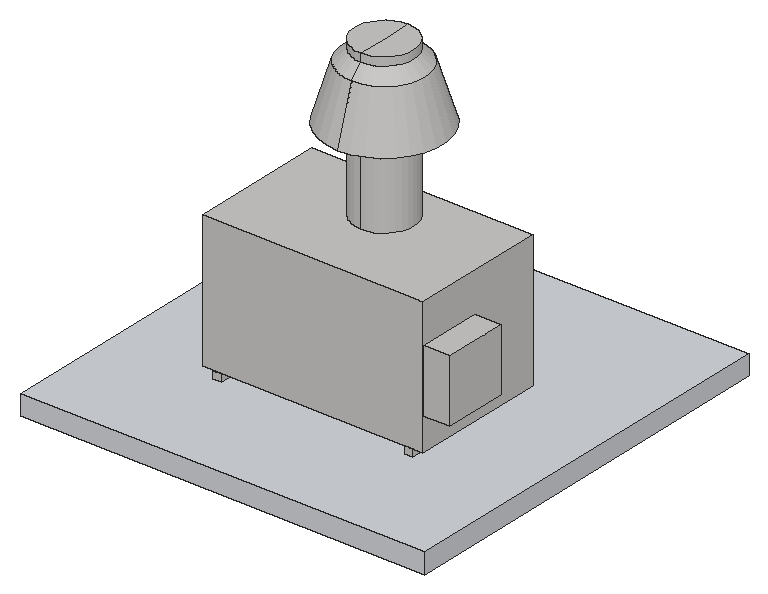
Revit family "DC_Rheem_PLM_Raypak_B0992ID", category Plumbing Fixtures, host Face, Revit 2017
Family settings
  Host = Face
  Round Connector Dimension = Use Radius
  Part Type = Normal
  Cut with Voids When Loaded = No
  Shared = No
  Room Calculation Point = No
Parameters (values of type "Raypak - Gas Water Heater- Indoor - 999 MJ/h  Natural gas, On/Off gas control")
  Width_ANZRS = 825 mm
  URL = "http://www.rheem.com.au/CommercialProducts"
  Type Comments = "Recovery 3870L/h @ 50°C rise\r\n"
  Materials_ANZRS = Raypak - Grey Powder Coated Steel
  PRV_ANZRS = 15 mm
  Model = "B0992NCO/ID\r\n"
  Manufacturer = "Raypak\r\n"
  HotWaterOutletRadius_ANZRS = 32.5 mm
  HotWaterOutletDiameter_ANZRS = HotWaterOutletRadius_ANZRS * 2  # 65 mm
  Height_ANZRS = 1810 mm
  GasInletRadius_ANZRS = 20 mm
  Gas Inlet Height_ANZRS = 410 mm
  GasInletDiameter_ANZRS = GasInletRadius_ANZRS * 2  # 40 mm
  DesignBy_ANZRS = "Design Content ©"
  Description = "Raypak - Gas Water Heater- Indoor - 999 MJ/h  Natural gas, On/Off gas control\r\n"
  Default Elevation = 0 mm
  ConnectionHeight_ANZRS = 755 mm
  ColdWaterInletRadius_ANZRS = 32.5 mm
  ColdWaterInletDiameter_ANZRS = ColdWaterInletRadius_ANZRS * 2  # 65 mm
  BoxHeight_ANZRS = 860 mm
  Author_ANZRS = "DM"
  Assembly Code = ""
Types (5, lengths in mm): name | URL | Type Comments | Model | GasInletRadius_ANZRS | GasInletDiameter_ANZRS | Description
  (no name) | "http://www.rheem.com.au/downloads/PDF/Raypak_Mechanical_Heating_Brochure_July_09.pdf\r\n" | "Recovery 3526L/h @ 50°C rise\r\n" | "B0992PCM/ID\r\n" | 10 | 20 | "Raypak - Gas Water Heater- Indoor - 933 MJ/h  Propane gas, modulating gas control\r\n"
  Raypak - Gas Water Heater- Indoor - 999 MJ/h  Natural gas, modulating gas control | "http://www.rheem.com.au/CommercialProducts" | "Recovery 3870L/h @ 50°C rise\r\n" | "B0992NCM/ID\r\n" | 20 | 40 | "Raypak - Gas Water Heater- Indoor - 999 MJ/h  Natural gas, modulating gas control"
  Raypak - Gas Water Heater- Indoor - 999 MJ/h  Natural gas, On/Off gas control | "http://www.rheem.com.au/CommercialProducts" | "Recovery 3870L/h @ 50°C rise\r\n" | "B0992NCO/ID\r\n" | 20 | 40 | "Raypak - Gas Water Heater- Indoor - 999 MJ/h  Natural gas, On/Off gas control\r\n"
  Raypak - Gas Water Heater- Indoor - 933 MJ/h  Propane gas, modulating gas control | "http://www.rheem.com.au/CommercialProducts" | "Recovery 3526L/h @ 50°C rise\r\n" | "B0992PCM/ID\r\n" | 10 | 20 | "Raypak - Gas Water Heater- Indoor - 933 MJ/h  Propane gas, modulating gas control\r\n"
  Raypak - Gas Water Heater- Indoor - 933 MJ/h  Propane gas, On/Off gas control | "http://www.rheem.com.au/CommercialProducts" | "Recovery 3526L/h @ 50°C rise\r\n" | "B0992PCO/ID\r\n" | 16 | 32 | "Raypak - Gas Water Heater- Indoor - 933 MJ/h  Propane gas, On/Off gas control\r\n"
Reference planes
  plane 1 "Center (Front/Back)": y = 0
  plane 2: z = 0
  plane 3 "Center (Left/Right)": x = 0
  plane 4 "H1": z = 1810
  plane 5 "H4": z = 860
  plane 6 "CD 1": z = 755
  plane 7 "CD 6": z = 410
  plane 8: y = 285
  plane 9: y = -540
  plane 10 "CD 2": y = 200
  plane 11 "CD 3": y = 135
  plane 12 "CD 4": y = -145
  plane 13 "CD 5": y = -410
  plane 14: y = 177.5
  plane 15: y = -177.5
  plane 16: x = -665
  plane 17: x = 665
  plane 18 "L6": x = -715
  plane 19 "L1": x = -600
  plane 20 "L2": x = -550
  plane 21 "L3": x = 554.8
  plane 22 "L4": x = 604.8
  plane 23 "H9": z = 45
  plane 24 "H8": z = 245
  plane 25 "H7": z = 625
  plane 26 "L5": x = 825
  plane 27 "H3": z = 1359.364
  plane 28 "W3": z = 1689.164
  plane 29 "H2": z = 1761.464
  plane 30: y = -155
Forms (mm)
  Extrusion 1, solid
    sketch origin (0, 0, 0) x (1, 0, 0) y (0, 1, 0)
      loop
        line (-1219.2, 1219.2) -> (-1219.2, -1219.2) -> (1219.2, -1219.2) -> (1219.2, 1219.2) -> (-1219.2, 1219.2)
    from 0 to -120
  Extrusion 2, solid, material "Raypak - Grey Powder Coated Steel" <- "Materials_ANZRS"
    sketch origin (0, 0, 0) x (1, 0, 0) y (0, 1, 0)
      loop
        line (-665, 285) -> (-665, -540) -> (665, -540) -> (665, 285) -> (-665, 285)
    from 45 to 860
  Revolve 3, solid, material "Raypak - Grey Powder Coated Steel" <- "Materials_ANZRS"
    sketch origin (0, 0, 0) x (0, 1, 0) y (0, 0, 1)
      loop
        line (0, 1810) -> (-177.5, 1810) -> (-177.5, 1761.464) -> (-248.249, 1689.164) -> (-349.079, 1359.364) -> (-177.5, 1359.364) -> (-177.5, 860) -> (0, 860) -> (0, 1810)
      axis (0, 1810) -> (0, 860)
    angle from 0 to 360
  Extrusion 4, void
    sketch origin (0, 0, 0) x (0, 1, 0) y (0, 0, 1)
      loop
        circle (200, 755) r 15
      loop
        circle (135, 755) r 32.5
      loop
        circle (-145, 755) r 32.5
    from -665 to -653.582
  Extrusion 5, solid, material "Raypak - Grey Powder Coated Steel" <- "Materials_ANZRS"
    sketch origin (0, 0, 0) x (0, 1, 0) y (0, 0, 1)
      loop
        circle (-410, 410) r 20
    from -715 to -665
  Extrusion 6, solid, material "Raypak - Grey Powder Coated Steel" <- "Materials_ANZRS"
    sketch origin (0, 0, 0) x (1, 0, 0) y (0, 0, 1)
      loop
        line (-550, 0) -> (-550, 45) -> (-600, 45) -> (-600, 0) -> (-550, 0)
      loop
        line (604.8, 0) -> (604.8, 45) -> (554.8, 45) -> (554.8, 0) -> (604.8, 0)
    from -285 to 540
  Extrusion 7, solid, material "Raypak - Grey Powder Coated Steel" <- "Materials_ANZRS"
    sketch origin (0, 0, 0) x (1, 0, 0) y (0, 0, 1)
      loop
        line (665, 625) -> (665, 245) -> (825, 245) -> (825, 625) -> (665, 625)
    from 155 to 540
Cuts and joins
  Extrusion 4 cuts Extrusion 2
Lines and regions (mm)
  Masking region 1
    outline origin (0, 0, 0) x (0, 1, 0) y (0, 0, 1)
      loop
        line (-177.5, 1810) -> (-177.5, 1761.464) -> (-248.249, 1689.164) -> (-349.079, 1359.364) -> (-177.5, 1359.364) -> (-177.5, 860) -> (-540, 860) -> (-540, 0) -> (285, 0) -> (285, 860) -> (177.5, 860) -> (177.5, 1359.364) -> (349.079, 1359.364) -> (248.249, 1689.164) -> (177.5, 1761.464) -> (177.5, 1810) -> (-177.5, 1810)
  Masking region 2
    outline origin (0, 0, 0) x (1, 0, 0) y (0, 0, 1)
      loop
        line (-177.5, 1810) -> (-177.5, 1761.464) -> (-248.249, 1689.164) -> (-349.079, 1359.364) -> (-177.039, 1359.364) -> (-177.039, 860) -> (-665, 860) -> (-665, 45) -> (-600, 45) -> (-600, 0) -> (-550, 0) -> (-550, 45) -> (554.8, 45) -> (554.8, 0) -> (604.8, 0) -> (604.8, 45) -> (665, 45) -> (665, 245) -> (825, 245) -> (825, 625) -> (665, 625) -> (665, 860) -> (174.539, 860) -> (174.539, 1359.364) -> (349.079, 1359.364) -> (248.249, 1689.164) -> (177.5, 1761.464) -> (177.5, 1810) -> (-177.5, 1810)
  Masking region 3
    outline origin (0, 0, 0) x (1, 0, 0) y (0, 1, 0)
      loop
        line (-665, -540) -> (665, -540) -> (825, -540) -> (825, -155) -> (665, -155) -> (665, 285) -> (201.572, 285)
        arc (201.572, 285) -> (105.756, 332.674) -> (0, 349.079) r 349.079
        arc (0, 349.079) -> (-105.756, 332.674) -> (-201.572, 285) r 349.079
        line (-201.572, 285) -> (-665, 285) -> (-665, -540)
  symbolic lines, style "Rheem Raypak", detail levels fine
    curve 1: line (0, 285, 0) -> (0, 285, 860)
    curve 2: line (0, 285, 860) -> (0, -540, 860)
    curve 3: line (0, -540, 860) -> (0, -540, 0)
    curve 4: line (0, -349.079, 1359.364) -> (0, 349.079, 1359.364)
    curve 5: line (0, -177.5, 1810) -> (0, 177.5, 1810)
    curve 6: line (0, 248.249, 1689.164) -> (0, -248.249, 1689.164)
    curve 7: line (0, 177.5, 1761.464) -> (0, -177.5, 1761.464)
    curve 8: arc (0, 102.5, 755) -> (0, 135, 722.5) -> (0, 167.5, 755) r 32.5
    curve 9: arc (0, 167.5, 755) -> (0, 135, 787.5) -> (0, 102.5, 755) r 32.5
    curve 10: arc (0, 185, 755) -> (0, 200, 740) -> (0, 215, 755) r 15
    curve 11: arc (0, 215, 755) -> (0, 200, 770) -> (0, 185, 755) r 15
    curve 12: arc (0, -177.5, 755) -> (0, -145, 722.5) -> (0, -112.5, 755) r 32.5
    curve 13: arc (0, -112.5, 755) -> (0, -145, 787.5) -> (0, -177.5, 755) r 32.5
    curve 14: arc (0, -390, 410) -> (0, -410, 390) -> (0, -430, 410) r 20
    curve 15: arc (0, -430, 410) -> (0, -410, 430) -> (0, -390, 410) r 20
    curve 16: line (0, 349.079, 1359.364) -> (0, 248.249, 1689.164)
    curve 17: line (0, -248.249, 1689.164) -> (0, -349.079, 1359.364)
    curve 18: line (0, 177.5, 1761.464) -> (0, 248.249, 1689.164)
    curve 19: line (0, -248.249, 1689.164) -> (0, -177.5, 1761.464)
    curve 20: line (0, -540, 45) -> (0, 285, 45)
    curve 21: line (0, -540, 0) -> (0, 285, 0)
    curve 22: line (-177.5, 0, 1810) -> (177.5, 0, 1810)
    curve 23: line (-177.5, 0, 1761.464) -> (177.5, 0, 1761.464)
    curve 24: line (-248.249, 0, 1689.164) -> (248.249, 0, 1689.164)
    curve 25: line (-349.079, 0, 1359.364) -> (349.079, 0, 1359.364)
    curve 26: line (665, 0, 860) -> (-665, 0, 860)
    curve 27: line (-665, 0, 45) -> (665, 0, 45)
    curve 28: line (554.8, 0, 0) -> (604.8, 0, 0)
    curve 29: line (-600, 0, 0) -> (-550, 0, 0)
    curve 30: line (825, 0, 625) -> (665, 0, 625)
    curve 31: line (665, 0, 245) -> (825, 0, 245)
    curve 32: line (825, 0, 245) -> (825, 0, 625)
    curve 33: line (174.539, 0, 1359.364) -> (174.539, 0, 860)
    curve 34: line (349.079, 0, 1359.364) -> (248.249, 0, 1689.164)
    curve 35: line (177.5, 0, 1810) -> (177.5, 0, 1761.464)
    curve 36: line (177.5, 0, 1761.464) -> (248.249, 0, 1689.164)
    curve 37: line (-177.5, 0, 1810) -> (-177.5, 0, 1761.464)
    curve 38: line (-349.079, 0, 1359.364) -> (-248.249, 0, 1689.164)
    curve 39: line (-248.249, 0, 1689.164) -> (-177.5, 0, 1761.464)
    curve 40: line (-177.039, 0, 1359.364) -> (-177.039, 0, 860)
    curve 41: line (-600, 0, 45) -> (-600, 0, 0)
    curve 42: line (-550, 0, 0) -> (-550, 0, 45)
    curve 43: line (604.8, 0, 0) -> (604.8, 0, 45)
    curve 44: line (554.8, 0, 45) -> (554.8, 0, 0)
    curve 45: line (-715, 0, 425) -> (-715, 0, 395)
    curve 46: line (-715, 0, 425) -> (-665, 0, 425)
    curve 47: line (-715, 0, 395) -> (-665, 0, 395)
    curve 48: arc (0, -349.079, 0) -> (349.079, 0, 0) -> (0, 349.079, 0) r 349.079
    curve 49: arc (0, 349.079, 0) -> (-349.079, 0, 0) -> (0, -349.079, 0) r 349.079
    curve 50: arc (0, -177.5, 0) -> (-177.5, 0, 0) -> (0, 177.5, 0) r 177.5
    curve 51: arc (0, -248.249, 0) -> (-248.249, 0, 0) -> (0, 248.249, 0) r 248.249
    curve 52: arc (0, 177.5, 0) -> (177.5, 0, 0) -> (0, -177.5, 0) r 177.5
    curve 53: arc (0, 248.249, 0) -> (248.249, 0, 0) -> (0, -248.249, 0) r 248.249
    curve 54: line (665, 285, 0) -> (201.572, 285, 0)
    curve 55: line (-665, 285, 0) -> (-665, -540, 0)
    curve 56: line (-665, -540, 0) -> (665, -540, 0)
    curve 57: line (665, -540, 0) -> (665, 285, 0)
    curve 58: line (825, -540, 0) -> (825, -155, 0)
    curve 59: line (825, -155, 0) -> (665, -155, 0)
    curve 60: line (665, -540, 0) -> (825, -540, 0)
    curve 61: line (-715, -395, 0) -> (-715, -425, 0)
    curve 62: line (-715, -395, 0) -> (-665, -395, 0)
    curve 63: line (-715, -425, 0) -> (-665, -425, 0)
    curve 64: line (0, 177.5, 1810) -> (0, 177.5, 1761.464)
    curve 65: line (0, -177.5, 1810) -> (0, -177.5, 1761.464)
    curve 66: line (0, 177.5, 1359.364) -> (0, 177.5, 860)
    curve 67: line (0, -177.5, 1359.364) -> (0, -177.5, 860)
    curve 68: line (-665, 0, 860) -> (-665, 0, 45)
    curve 69: line (665, 0, 45) -> (665, 0, 860)
    curve 70: line (-201.572, 285, 0) -> (-665, 285, 0)
Dimensions and locks
  "Height_ANZRS": plane 4 "H1" to level
  "BoxHeight_ANZRS": plane 5 "H4" to level
  "ConnectionHeight_ANZRS": plane 6 "CD 1" to Extrusion 1
  "Gas Inlet Height_ANZRS": plane 7 "CD 6" to level
  plane 8 to plane 9 = 825 mm
  plane 8 to plane 10 "CD 2" = 85 mm
  plane 8 to plane 11 "CD 3" = 150 mm
  plane 11 "CD 3" to plane 12 "CD 4" = 280 mm
  plane 13 "CD 5" to plane 9 = 130 mm
  equal spacing: plane 14, plane 1 "Center (Front/Back)", plane 15
  plane 14 to plane 15 = 355 mm
  plane 1 "Center (Front/Back)" to plane 9 = 540 mm
  locked: plane 18 "L6" to plane 16 at 50
  plane 19 "L1" to plane 16 = 65 mm
  plane 20 "L2" to plane 19 "L1" = 50 mm
  plane 17 to plane 22 "L4" = 60.2 mm
  plane 22 "L4" to plane 21 "L3" = 50 mm
  plane 23 "H9" to level = 45 mm
  plane 24 "H8" to level = 245 mm
  plane 25 "H7" to plane 24 "H8" = 380 mm
  plane 17 to plane 26 "L5" = 160 mm
  plane 4 "H1" to plane 29 "H2" to plane 28 "W3" = 48.536 mm locked, 72.3 mm locked
  equal spacing: plane 17, plane 3 "Center (Left/Right)", plane 16
  plane 17 to plane 16 = 1330 mm
  "GasInletRadius_ANZRS": radius of Extrusion 5 sketch curve
  "HotWaterOutletRadius_ANZRS": radius of Extrusion 4 sketch curve
  "ColdWaterInletRadius_ANZRS": radius of Extrusion 4 sketch curve
  "PRV_ANZRS": radius of Extrusion 4 sketch curve
  aligned and locked: plane 2 to Extrusion 1
  aligned and locked: level to Extrusion 1
  aligned and locked: plane 8 to Extrusion 2 sketch curve
  aligned and locked: plane 16 to Extrusion 2 sketch curve
  aligned and locked: plane 9 to Extrusion 2 sketch curve
  aligned and locked: plane 17 to Extrusion 2 sketch curve
  aligned and locked: plane 5 "H4" to Extrusion 2
  aligned and locked: plane 1 "Center (Front/Back)" to Revolve 3 sketch curve
  aligned and locked: plane 11 "CD 3" to Extrusion 4 sketch curve
  aligned and locked: plane 10 "CD 2" to Extrusion 4 sketch curve
  aligned and locked: plane 6 "CD 1" to Extrusion 4 sketch curve  (x3)
  aligned and locked: Extrusion 4 to plane 16
  aligned and locked: plane 7 "CD 6" to Extrusion 5 sketch curve
  aligned and locked: plane 13 "CD 5" to Extrusion 5 sketch curve
  aligned and locked: plane 16 to Extrusion 5
  aligned and locked: Extrusion 5 to plane 18 "L6"
  aligned and locked: Extrusion 2 to plane 23 "H9"
  aligned and locked: level to Extrusion 6 sketch curve  (x2)
  aligned and locked: Extrusion 6 sketch curve to plane 20 "L2"
  aligned and locked: Extrusion 6 sketch curve to plane 23 "H9"  (x2)
  aligned and locked: plane 19 "L1" to Extrusion 6 sketch curve
  aligned and locked: Extrusion 6 sketch curve to plane 22 "L4"
  aligned and locked: plane 21 "L3" to Extrusion 6 sketch curve
  aligned and locked: Extrusion 6 to plane 8
  aligned and locked: Extrusion 6 to plane 9
  aligned and locked: Extrusion 7 sketch curve to plane 25 "H7"
  aligned and locked: Extrusion 7 sketch curve to plane 26 "L5"
  aligned and locked: Extrusion 7 sketch curve to plane 24 "H8"
  aligned and locked: cut or joined group of Extrusion 2, Extrusion 4 to Extrusion 7 sketch curve
  aligned and locked: Extrusion 7 to plane 9
  aligned and locked: plane 12 "CD 4" to Extrusion 4 sketch curve
  aligned and locked: Revolve 3 sketch curve to plane 4 "H1"
  aligned and locked: plane 15 to Revolve 3 sketch curve  (x2)
  aligned and locked: plane 5 "H4" to Revolve 3 sketch curve
  aligned and locked: plane 27 "H3" to Revolve 3 sketch curve
  aligned and locked: plane 29 "H2" to Revolve 3 sketch curve
  aligned and locked: plane 28 "W3" to Revolve 3 sketch curve
  aligned and locked: curve 1 to cut or joined group of Extrusion 2, Extrusion 4
  aligned and locked: curve 2 to cut or joined group of Extrusion 2, Extrusion 4
  aligned and locked: curve 3 to cut or joined group of Extrusion 2, Extrusion 4
  aligned and locked: curve 4 to Revolve 3
  aligned and locked: curve 5 to Revolve 3
  aligned and locked: curve 6 to Revolve 3
  aligned and locked: curve 7 to Revolve 3
  aligned and locked: curve 8 to cut or joined group of Extrusion 2, Extrusion 4
  aligned and locked: curve 9 to cut or joined group of Extrusion 2, Extrusion 4
  aligned and locked: curve 10 to cut or joined group of Extrusion 2, Extrusion 4
  aligned and locked: curve 11 to cut or joined group of Extrusion 2, Extrusion 4
  aligned and locked: curve 12 to cut or joined group of Extrusion 2, Extrusion 4
  aligned and locked: curve 13 to cut or joined group of Extrusion 2, Extrusion 4
  aligned and locked: curve 14 to Extrusion 5
  aligned and locked: curve 15 to Extrusion 5
  aligned and locked: curve 17 to Revolve 3
  aligned and locked: Revolve 3 to curve 19
  aligned and locked: curve 20 to cut or joined group of Extrusion 2, Extrusion 4
  aligned and locked: curve 21 to Extrusion 6
  aligned and locked: curve 22 to Revolve 3
  aligned and locked: curve 23 to plane 29 "H2"
  aligned and locked: curve 24 to plane 28 "W3"
  aligned and locked: curve 25 to Revolve 3
  aligned and locked: curve 26 to cut or joined group of Extrusion 2, Extrusion 4
  aligned and locked: curve 27 to cut or joined group of Extrusion 2, Extrusion 4
  aligned and locked: curve 28 to Extrusion 6
  aligned and locked: curve 29 to Extrusion 6
  aligned and locked: curve 30 to Extrusion 7
  aligned and locked: curve 31 to Extrusion 7
  aligned and locked: curve 32 to Extrusion 7
  aligned and locked: plane 5 "H4" to curve 40
  aligned and locked: plane 27 "H3" to curve 40
  aligned and locked: curve 41 to Extrusion 6
  aligned and locked: curve 42 to Extrusion 6
  aligned and locked: curve 43 to Extrusion 6
  aligned and locked: curve 44 to Extrusion 6
  aligned and locked: Extrusion 5 to curve 45
  aligned and locked: curve 48 to Revolve 3
  aligned and locked: curve 49 to Revolve 3
  aligned and locked: curve 50 to Revolve 3
  aligned and locked: curve 51 to Revolve 3
  aligned and locked: curve 52 to Revolve 3
  aligned and locked: curve 53 to Revolve 3
  aligned and locked: curve 54 to cut or joined group of Extrusion 2, Extrusion 4
  aligned and locked: curve 55 to cut or joined group of Extrusion 2, Extrusion 4
  aligned and locked: curve 56 to cut or joined group of Extrusion 2, Extrusion 4
  aligned and locked: curve 57 to cut or joined group of Extrusion 2, Extrusion 4
  aligned and locked: curve 58 to Extrusion 7
  aligned and locked: curve 59 to Extrusion 7
  aligned and locked: curve 60 to Extrusion 7
  aligned and locked: Extrusion 5 to curve 61
  aligned and locked: curve 64 to Revolve 3
  aligned and locked: curve 65 to Revolve 3
  aligned and locked: plane 14 to curve 66
  aligned and locked: curve 67 to plane 15
  aligned and locked: Masking region 1 sketch curve to curve 5
  aligned and locked: Masking region 1 sketch curve to curve 64
  aligned and locked: Masking region 1 sketch curve to curve 18
  aligned and locked: Masking region 1 sketch curve to curve 16
  aligned and locked: Masking region 1 sketch curve to curve 4
  aligned and locked: Masking region 1 sketch curve to curve 66
  aligned and locked: Masking region 1 sketch curve to curve 2
  aligned and locked: Masking region 1 sketch curve to curve 1
  aligned and locked: Masking region 1 sketch curve to curve 21
  aligned and locked: Masking region 1 sketch curve to curve 3
  aligned and locked: Masking region 1 sketch curve to curve 67
  aligned and locked: Masking region 1 sketch curve to curve 65
  aligned and locked: Masking region 1 sketch curve to curve 19
  aligned and locked: Masking region 1 sketch curve to curve 17
  aligned and locked: Masking region 2 sketch curve to curve 22
  aligned and locked: Masking region 2 sketch curve to curve 37
  aligned and locked: Masking region 2 sketch curve to curve 39
  aligned and locked: Masking region 2 sketch curve to curve 38
  aligned and locked: Masking region 2 sketch curve to curve 35
  aligned and locked: Masking region 2 sketch curve to curve 36
  aligned and locked: Masking region 2 sketch curve to curve 34
  aligned and locked: Masking region 2 sketch curve to curve 25
  aligned and locked: Masking region 2 sketch curve to curve 40
  aligned and locked: Masking region 2 sketch curve to curve 33
  aligned and locked: Masking region 2 sketch curve to curve 26
  aligned and locked: Masking region 2 sketch curve to curve 68
  aligned and locked: Masking region 2 sketch curve to curve 27
  aligned and locked: Masking region 2 sketch curve to curve 41
  aligned and locked: Masking region 2 sketch curve to curve 29
  aligned and locked: Masking region 2 sketch curve to curve 42
  aligned and locked: Masking region 2 sketch curve to curve 44
  aligned and locked: Masking region 2 sketch curve to curve 28
  aligned and locked: Masking region 2 sketch curve to curve 43
  aligned and locked: Masking region 2 sketch curve to curve 69
  aligned and locked: Masking region 2 sketch curve to curve 31
  aligned and locked: Masking region 2 sketch curve to curve 32
  aligned and locked: Masking region 2 sketch curve to curve 30
  aligned and locked: Masking region 3 sketch curve to curve 56
  aligned and locked: Masking region 3 sketch curve to curve 60
  aligned and locked: Masking region 3 sketch curve to curve 58
  aligned and locked: Masking region 3 sketch curve to curve 59
  aligned and locked: curve 57 to Masking region 3 sketch curve
  aligned and locked: Masking region 3 sketch curve to curve 54
  aligned and locked: Masking region 3 sketch curve to curve 49
  aligned and locked: Masking region 3 sketch curve to curve 48
  aligned and locked: Masking region 3 sketch curve to curve 70
  aligned and locked: Masking region 3 sketch curve to curve 55
Automatic sketch dimensions
  Extrusion 1 sketch curve to Extrusion 1 sketch curve = 2438.4 mm  (x2)
  Revolve 3 sketch curve to plane 1 "Center (Front/Back)" = 0 mm
  Revolve 3 sketch curve to plane 15 = 70.749 mm
  Revolve 3 sketch curve to plane 13 "CD 5" = 60.921 mm
  Revolve 3 sketch curve to Revolve 3 sketch curve = 310 mm
  Revolve 3 sketch curve to Revolve 3 sketch curve = 130 mm
  curve 3 to level = 0 mm
  curve 3 to plane 9 = 0 mm
  curve 17 to plane 27 "H3" = 0 mm
  curve 17 to plane 28 "W3" = 0 mm
  curve 5 to plane 4 "H1" = 0 mm
  curve 65 to plane 15 = 0 mm
  curve 64 to plane 14 = 0 mm
  curve 2 to plane 8 = 0 mm
  curve 19 to plane 29 "H2" = 0 mm
  curve 17 to plane 13 "CD 5" = 60.921 mm
  curve 17 to plane 15 = 70.749 mm
  plane 8 to curve 16 = 36.751 mm
  curve 16 to plane 8 = 64.079 mm
  curve 66 to plane 4 "H1" = 450.636 mm
  curve 67 to plane 5 "H4" = 0 mm
  curve 67 to plane 4 "H1" = 450.636 mm
  Masking region 1 sketch curve to plane 27 "H3" = 0 mm
  Masking region 1 sketch curve to plane 5 "H4" = 0 mm
  curve 45 to plane 18 "L6" = 0 mm
  curve 46 to plane 16 = 0 mm
  curve 29 to level = 0 mm
  curve 29 to plane 19 "L1" = 0 mm
  curve 42 to plane 20 "L2" = 0 mm
  curve 22 to plane 3 "Center (Left/Right)" = 177.5 mm
  curve 35 to plane 4 "H1" = 0 mm
  curve 28 to level = 0 mm
  curve 28 to plane 21 "L3" = 0 mm
  curve 43 to plane 22 "L4" = 0 mm
  plane 17 to curve 26 = 0 mm
  curve 32 to plane 25 "H7" = 0 mm
  curve 32 to plane 26 "L5" = 0 mm
  curve 44 to plane 23 "H9" = 0 mm
  curve 31 to plane 24 "H8" = 0 mm
  plane 20 "L2" to curve 38 = 200.921 mm
  curve 24 to curve 37 = 70.749 mm
  curve 25 to curve 40 = 172.039 mm
  plane 3 "Center (Left/Right)" to curve 33 = 174.539 mm
  plane 3 "Center (Left/Right)" to curve 35 = 177.5 mm
  curve 23 to curve 34 = 70.749 mm
  curve 33 to curve 25 = 174.539 mm
  curve 47 to plane 7 "CD 6" = 15 mm
  plane 7 "CD 6" to curve 46 = 15 mm
  Masking region 2 sketch curve to plane 5 "H4" = 0 mm
  Masking region 2 sketch curve to plane 27 "H3" = 0 mm
  Masking region 2 sketch curve to plane 23 "H9" = 0 mm  (x2)
  plane 17 to Masking region 2 sketch curve = 0 mm
  curve 61 to plane 18 "L6" = 0 mm
  curve 62 to plane 16 = 0 mm
  plane 8 to curve 70 = 0 mm
  plane 8 to curve 54 = 0 mm
  curve 54 to plane 17 = 0 mm
  plane 1 "Center (Front/Back)" to curve 59 = 155 mm
  curve 59 to plane 26 "L5" = 0 mm
  curve 57 to plane 9 = 0 mm
  plane 13 "CD 5" to curve 63 = 15 mm
  curve 62 to plane 13 "CD 5" = 15 mm
  Masking region 3 sketch curve to plane 17 = 0 mm
Connectors
  piping at (-665, 135, 755), diameter 65, driven by "HotWaterOutletRadius_ANZRS"
    settings: on cut or joined group of Extrusion 2, Extrusion 4, index 1, connector inside diameter 2.55906", connector length 0 mm, flow factor 0, pipe flow 0 GPM, pressure drop 0.00 psi, fitting loss kfactor 0, connector angle 0.00°, fixture units 0, engagement length 0 mm, angle of deflection 0.00°, flow configuration 1, flow direction 2, fitting loss method 0, system type 19, joint type 0, gender type 0, connector reference index -1, connector utility 0, adjustable connector no, is connector primary yes, connector description ""
  piping at (-665, -145, 755), diameter 65, driven by "ColdWaterInletRadius_ANZRS"
    settings: on cut or joined group of Extrusion 2, Extrusion 4, index 2, connector inside diameter 2.55906", connector length 0 mm, flow factor 0, pipe flow 0 GPM, pressure drop 0.00 psi, fitting loss kfactor 0, connector angle 0.00°, fixture units 0, engagement length 0 mm, angle of deflection 0.00°, flow configuration 1, flow direction 1, fitting loss method 0, system type 20, joint type 0, gender type 0, connector reference index -1, connector utility 0, adjustable connector no, is connector primary no, connector description ""
  piping at (-715, -410, 410), diameter 40, driven by "GasInletRadius_ANZRS"
    settings: on Extrusion 5, index 3, connector inside diameter 0.7874", connector length 0 mm, flow factor 0, pipe flow 0 GPM, pressure drop 0.00 psi, fitting loss kfactor 0, connector angle 0.00°, fixture units 0, engagement length 0 mm, angle of deflection 0.00°, flow configuration 1, flow direction 1, fitting loss method 0, system type 22, joint type 0, gender type 0, connector reference index -1, connector utility 0, adjustable connector no, is connector primary no, connector description "Gas"
  piping at (-665, 200, 755), diameter 30
    settings: on cut or joined group of Extrusion 2, Extrusion 4, index 4, connector inside diameter 1.1811", connector length 0 mm, flow factor 0, pipe flow 0 GPM, pressure drop 0.00 psi, fitting loss kfactor 0, connector angle 0.00°, fixture units 0, engagement length 0 mm, angle of deflection 0.00°, flow configuration 1, flow direction 2, fitting loss method 0, system type 22, joint type 0, gender type 0, connector reference index -1, connector utility 0, adjustable connector no, is connector primary no, connector description "PRV"
